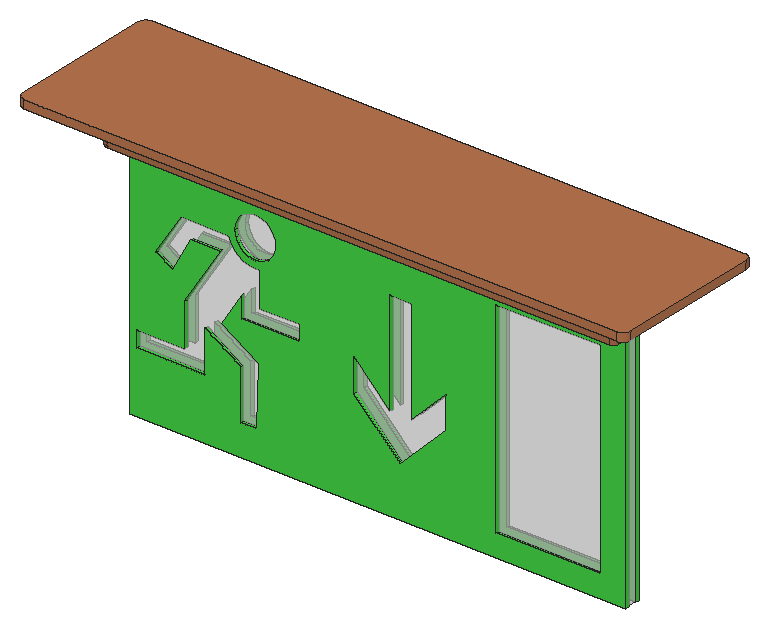
Revit family "EX1_Semi Recessed Exit Light", category Lighting Fixtures, Revit 2013
Parameters (values of type "2 x 18W")
  Wattage = 9.2903 W
  built-in parameter 1150110 = 1 (stored number, unit not read)
  Model = "Silver-Scape Semi-recessed Maintained Exit-Double Sided"
  Manufacturer = "EMERGI-LITE"
  Load Classification = Ltg
  Light Type = "EX1"
  Light Source Symbol Size = 300 mm
  Light Body = Light Body
  Lamp = "2 x 18W"
  Exit Sign = Exit Sign
  Emit from Line Length = 200 mm
  Body = Exit
  built-in parameter 1114217 = 1 (stored number, unit not read)
  built-in parameter 1150109 = 1 (stored number, unit not read)
  built-in parameter 1150134 = (empty or 0)
  built-in parameter 1150113 = 1 (stored number, unit not read)
  Lumens = 1380 lm
  built-in parameter 1150115 = 1 (stored number, unit not read)
  built-in parameter 1150105 = 109.82 (stored number, unit not read)
  built-in parameter 1150137 = (empty or 0)
  built-in parameter 1150139 = (empty or 0)
  built-in parameter 1150112 = 1 (stored number, unit not read)
  built-in parameter 1150114 = 1 (stored number, unit not read)
  built-in parameter 1150132 = 2
  built-in parameter 1150102 = (empty or 0)
  built-in parameter 1150138 = (empty or 0)
  built-in parameter 1150107 = 3000 (stored number, unit not read)
  built-in parameter 1150106 = 1.0982 (stored number, unit not read)
  built-in parameter 1150104 = 13.8 (stored number, unit not read)
  Dimming Lamp Color Temperature Shift = <None>
  Color Filter = 16777215
  built-in parameter 1114218 = 1 (stored number, unit not read)
  built-in parameter 1150133 = 10 (stored number, unit not read)
  Apparent Load = 36 VA
Reference planes
  plane 1 "Light Source Axis (F/B)": y = 0
  plane 2: z = 0
  plane 3 "Light Source Axis (L/R)": x = 0
  plane 4 "Light Source Elevation": z = -90.437
  plane 5: x = -190
  plane 6: x = 190
  plane 7: y = 50
  plane 8: y = -50
  plane 9: z = -5
  plane 10: z = -185
  plane 11: x = -155
  plane 12: x = 155
  plane 13 "Rear": y = 3
  plane 14 "Fr": y = -3
Forms (mm)
  Extrusion 1, solid, material "Light Body" <- "Light Body"
    sketch origin (0, 0, 0) x (1, 0, 0) y (0, 1, 0)
      loop
        line (-185, -50) -> (185, -50)
        arc (185, -50) -> (188.536, -48.536) -> (190, -45) r 5
        line (190, -45) -> (190, 45)
        arc (190, 45) -> (188.536, 48.536) -> (185, 50) r 5
        line (185, 50) -> (-185, 50)
        arc (-185, 50) -> (-188.536, 48.536) -> (-190, 45) r 5
        line (-190, 45) -> (-190, -45)
        arc (-190, -45) -> (-188.536, -48.536) -> (-185, -50) r 5
    from 0 to -5
  Blend 2, solid, material "Light Body" <- "Light Body"
    base sketch origin (0, 0, 0) x (1, 0, 0) y (0, 1, 0)
      loop
        line (-160, -25) -> (160, -25)
        arc (160, -25) -> (163.536, -23.536) -> (165, -20) r 5
        line (165, -20) -> (165, 20)
        arc (165, 20) -> (163.536, 23.536) -> (160, 25) r 5
        line (160, 25) -> (-160, 25)
        arc (-160, 25) -> (-163.536, 23.536) -> (-165, 20) r 5
        line (-165, 20) -> (-165, -20)
        arc (-165, -20) -> (-163.536, -23.536) -> (-160, -25) r 5
    top sketch origin (0, 0, 0) x (1, 0, 0) y (0, 1, 0)
      loop
        line (-157, -20) -> (157, -20)
        arc (157, -20) -> (159.121, -19.121) -> (160, -17) r 3
        line (160, -17) -> (160, 17)
        arc (160, 17) -> (159.121, 19.121) -> (157, 20) r 3
        line (157, 20) -> (-157, 20)
        arc (-157, 20) -> (-159.121, 19.121) -> (-160, 17) r 3
        line (-160, 17) -> (-160, -17)
        arc (-160, -17) -> (-159.121, -19.121) -> (-157, -20) r 3
    from -5 to -30
  Extrusion 3, solid, material "Whitecroft Lighting_Polycarbonate"
    sketch origin (0, 0, 0) x (1, 0, 0) y (0, 1, 0)
      loop
        line (-155, -3) -> (155, -3) -> (155, 3) -> (-155, 3) -> (-155, -3)
    from -185 to -30
  Extrusion 4, solid, material "Exit Sign" <- "Exit Sign"
    sketch origin (0, -3, 0) x (-1, 0, 0) y (0, 0, 1)
      loop
        line (155, -185) -> (155, -30) -> (-155, -30) -> (-155, -185) -> (155, -185)
      loop
        line (138.548, -88.819) -> (122.651, -63.377) -> (93.119, -63.377)
        arc (93.119, -63.377) -> (85.773, -73.355) -> (73.645, -75.895) r 17.365
        line (73.645, -75.895) -> (73.645, -97.478) -> (48.645, -97.478) -> (48.645, -107.478) -> (85.138, -107.478) -> (85.138, -94.145) -> (97.743, -114.317) -> (74.413, -128.895) -> (75.689, -165.444) -> (85.689, -165.444) -> (85.689, -134.574) -> (108.019, -120.62) -> (108.019, -146.459) -> (150.453, -146.459) -> (150.453, -136.459) -> (120.453, -136.459) -> (120.453, -109.788) -> (98.201, -74.178) -> (116.61, -74.178) -> (128.281, -95.234) -> (138.548, -88.819)
      loop
        circle (76.383, -58.748) r 12.762
      loop
        line (15.087, -124.445) -> (15.087, -103.537) -> (-7.732, -126.356) -> (-7.732, -61.356) -> (-21.317, -61.356) -> (-21.317, -126.356) -> (-42.53, -105.143) -> (-42.53, -125.184) -> (-14.091, -153.624) -> (15.087, -124.445)
      loop
        line (-73.944, -171.355) -> (-73.944, -43.384) -> (-138.944, -43.384) -> (-138.944, -171.355) -> (-73.944, -171.355)
    from 0 to -2
  Extrusion 5, solid, material "Exit Sign" <- "Exit Sign"
    sketch origin (0, 3, 0) x (-1, 0, 0) y (0, 0, -1)
      loop
        line (155, 185) -> (-155, 185) -> (-155, 30) -> (155, 30) -> (155, 185)
      loop
        line (138.548, 88.819) -> (128.281, 95.234) -> (116.61, 74.178) -> (98.201, 74.178) -> (120.453, 109.788) -> (120.453, 136.459) -> (150.453, 136.459) -> (150.453, 146.459) -> (108.019, 146.459) -> (108.019, 120.62) -> (85.689, 134.574) -> (85.689, 165.444) -> (75.689, 165.444) -> (74.413, 128.895) -> (97.743, 114.317) -> (85.138, 94.145) -> (85.138, 107.478) -> (48.645, 107.478) -> (48.645, 97.478) -> (73.645, 97.478) -> (73.645, 75.895)
        arc (73.645, 75.895) -> (85.773, 73.355) -> (93.119, 63.377) r 17.365
        line (93.119, 63.377) -> (122.651, 63.377) -> (138.548, 88.819)
      loop
        circle (76.383, 58.748) r 12.762
      loop
        line (15.087, 124.445) -> (-14.091, 153.624) -> (-42.53, 125.184) -> (-42.53, 105.143) -> (-21.317, 126.356) -> (-21.317, 61.356) -> (-7.732, 61.356) -> (-7.732, 126.356) -> (15.087, 103.537) -> (15.087, 124.445)
      loop
        line (-73.944, 171.355) -> (-138.944, 171.355) -> (-138.944, 43.384) -> (-73.944, 43.384) -> (-73.944, 171.355)
    from 0 to -2
Dimensions and locks
  plane 2 to plane 9 = 5 mm
  aligned and locked: plane 1 "Light Source Axis (F/B)" to imposter light
  aligned and locked: plane 4 "Light Source Elevation" to imposter light
  aligned and locked: level to plane 2
Nested families
  nested 1: "EM_EX1" at (0, 0, 0), type "EM_EX1"
Connectors
  electrical at (0, 0, 0), driven by "Load Classification"
    settings: on Extrusion 1, index 1, voltage 230 V, apparent load 0 VA, apparent load phase1 8 VA, apparent load phase2 0 VA, apparent load phase3 0 VA, power factor 0.9, load classification "Ltg", number of poles 1, system type 31, power factor state 1, is connector primary yes, connector utility no, sub classification motor no, connector description ""
Definition of nested family "EM_EX1"
  Reference planes
    plane 1: y = 0
    plane 2: x = 0
  Lines and regions (mm)
    detail lines, style "Emergency"
      curve 1: line (-3, 1.75, 0) -> (-3, -1.75, 0)
      curve 2: line (-3, 1.75, 0) -> (3, 1.75, 0)
      curve 3: line (3, 1.75, 0) -> (3, -1.75, 0)
      curve 4: line (-3, -1.75, 0) -> (3, -1.75, 0)
  Text (mm)
    text "EX1" at (-0.038, 1.914, 0)
